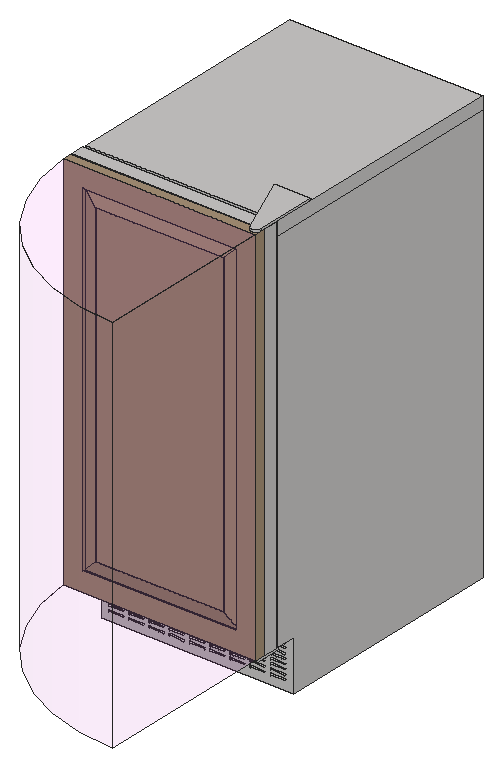
Revit family "QF_Summit_BIM68OSPUMPIF_Indoor_Outdoor_Ice_Maker", category Specialty Equipment, Revit 2020
Family settings
  Round Connector Dimension = Use Diameter
  Part Type = Normal
  Work Plane-Based = No
  Always vertical = Yes
  Cut with Voids When Loaded = No
  Shared = No
  Room Calculation Point = No
Parameters
  Weight in Pounds = 105
  Watts = if(Phase = 3, Volts * FL Amps * 1.73, Volts * FL Amps)  # 460 W
  Waste Water Discharge Temperature = -459.67 °F
  Volts = 115 V
  Ventilation Remarks = ""
  URL Cutsheet = ""
  Specification by User = ""
  Specification by Manufacturer = ""
  Show RHD [instance] = yes
  Show LHD [instance] = not(Show RHD)  # no
  Show Clearance [instance] = yes
  Serial Number = ""
  Seismic Rating = ""
  SMACNA No = ""
  Revision Code = ""
  Refrigerant Volume = 0.00 kip
  Refrigerant Type = "R134a"
  Plumbing Remarks = ""
  Phase = 1
  Number of Poles = 1
  NAFEM Spec ID Number = ""
  Model = "BIM68OSPUMPIF"
  Min Ckt Ampacity = 0 A
  Max Overcurrent Protection = 0 A
  Masterspec = ""
  Manufacturer = "Summit"
  Length = 14 7/8"
  Item Number = ""
  Installed By = ""
  Indirect Waste Size = 3/4"
  Indirect Waste Flow = 0 GPM
  Indirect Waste Connection Type = ""
  Indirect Waste Connection Height = 0"
  Identify Quantity as Lot = yes
  Height = 33 5/8"
  HP = ""
  Furnished By = ""
  Foodservice Equipment Identifier = yes
  FL Amps = 4 A
  Electrical Remarks = ""
  Electric Connection Type = ""
  Elec Conn RI Height = 0"
  Elec Conn Connection Height = 0"
  Direct Waste Size = 0"
  Direct Waste RI Height = 0"
  Direct Waste Flow = 0 GPM
  Direct Waste Connection Height = 0"
  Description = "Indoor/Outdoor Ice Maker"
  Depth = 22 5/8"
  Default Elevation = 0"
  Cycle = 60 Hz
  Conn Plug = ""
  Conn Conduit = yes
  Cold Water Temperature Recommended = -459.67 °F
  Cold Water Size = 3/8"
  Cold Water RI Height = 0"
  Cold Water Minimum Pressure = 0.00 psi
  Cold Water Maximum Pressure = 0.00 psi
  Cold Water Flow = 0 GPM
  Cold Water Consumption = ""
  Cold Water Connection Height = 0"
  CSI MasterFormat = ""
  Base Height [instance] = 1/8"
  BTUH = 0.0 Btu/h
  Apparent Power = if(Phase = 3, Volts * FL Amps * 1.73, Volts * FL Amps)  # 460 VA
Reference planes (in)
  plane 1 "BACK": y = 0
  plane 2: z = 0
  plane 3 "LEFT": x = 0
  plane 4 "RIGHT": x = 14.875
  plane 5 "FRONT": y = -22.625
  plane 6 "TOP": z = 33.5
  plane 7 "Center Y": x = 7.4375
  plane 8 "Center X": y = -11.3125
  plane 9 "Base Height": z = 0.125
  plane 10: y = -37.25
  plane 11: y = -23.375
  plane 12: y = -21.25
  plane 13: y = -1.5
  plane 14: z = 33.625
Forms (in)
  Extrusion 1, solid, material "QF_Metal_Stainless_Polished"
    sketch origin (0, 0, 0.125) x (-1, 0, 0) y (0, -1, 0)
      loop
        line (0, 1.5) -> (0, 21.25) -> (-14.875, 21.25) -> (-14.875, 1.5) -> (-14.5625, 1.5) -> (-14.5625, 2.5) -> (-0.3125, 2.5) -> (-0.3125, 1.5) -> (0, 1.5)
    from 3.875 to 32.375
  Extrusion 2, solid, material "QF_Metal_Stainless_Polished"
    sketch origin (14.875, -21.25, 0.125) x (-1, 0, 0) y (0, 0, -1)
      loop
        line (0, -33.375) -> (14.875, -33.375) -> (14.875, -3.875) -> (0, -3.875) -> (0, -33.375)
    from 0.24904 to 1.375
  Extrusion 3, solid, material "QF_Rubber - Black - Smooth"
    sketch origin (14.875, -21.25, 0.125) x (-1, 0, 0) y (0, 0, -1)
      loop
        line (14.5625, -33.0625) -> (14.5625, -4.4375) -> (0.3125, -4.4375) -> (0.3125, -33.0625) -> (14.5625, -33.0625)
    from 0 to 0.24904
  Extrusion 4, solid, material "QF_Metal_Stainless_Polished", visible <- "Show RHD"
    sketch origin (0, 0, 33.5) x (-1, 0, 0) y (0, -1, 0)
      loop
        line (-14.6875, 18.03173) -> (-12.1875, 18.03173)
        arc (-12.1875, 18.03173) -> (-12.08136, 18.09071) -> (-12.07538, 18.21199) r 0.125
        line (-12.07538, 18.21199) -> (-14.10113, 23.04076)
        arc (-14.10113, 23.04076) -> (-14.52261, 23.24021) -> (-14.8125, 22.87499) r 0.375
        line (-14.8125, 22.87499) -> (-14.8125, 18.15673) -> (-14.80579, 18.03173) -> (-14.6875, 18.03173)
    from 0 to 0.125
  Extrusion 5, solid, material "QF_Metal_Stainless_Polished"
    sketch origin (14.875, -21.25, 4) x (0, 1, 0) y (1, 0, 0)
      loop
        line (0, -0.0625) -> (-2.00045, -0.0625) -> (-2.00045, -0.77387) -> (0, -0.77387) -> (0, -0.0625)
    from 0.125 to 0.25
  Extrusion 6, solid, material "QF_Rubber - Black - Smooth"
    sketch origin (0, -1.5, 0.125) x (1, 0, 0) y (0, 0, -1)
      loop
        circle (12.85328, -0.875) r 0.25
    from 0 to 0.0625
  Extrusion 7, solid, material "QF_Metal_Stainless_Polished"
    sketch origin (0, -1.5, 0.125) x (1, 0, 0) y (0, 0, -1)
      loop
        circle (3.5, -9.5) r 0.375
      loop
        circle (1.75, -9.25) r 0.1875
    from 0 to 0.0625
  Revolve 8, solid, material "QF_Rubber - Black - Smooth"
    sketch origin (0, -3.125, 0) x (1, 0, 0) y (0, 0, 1)
      loop
        line (1.5625, 0) -> (1.5625, 0.125) -> (0.88393, 0.125) -> (0.88393, 0) -> (1.5625, 0)
      axis (1.5625, 0.125) -> (1.5625, 0)
    angle from 0 to 360
  Extrusion 9, solid, material "QF_Metal_Stainless_Polished"
    sketch origin (0, 0, 0.125) x (-1, 0, 0) y (0, -1, 0)
      loop
        line (0, 1.5) -> (0, 19.75) -> (-0.3125, 19.75) -> (-0.3125, 1.5) -> (0, 1.5)
      loop
        line (-14.875, 19.75) -> (-14.875, 1.5) -> (-14.5625, 1.5) -> (-14.5625, 19.75) -> (-14.875, 19.75)
    from 0 to 3.875
  Extrusion 10, solid, material "QF_Metal_Stainless_Polished"
    sketch origin (0, 0, 0.125) x (0, -1, 0) y (-1, 0, 0)
      loop
        line (1.625, -0.3125) -> (1.625, -14.5625) -> (19.75, -14.5625) -> (19.75, -0.3125) -> (1.625, -0.3125)
    from 0 to -0.3125
  Extrusion 11, solid, material "QF_Metal_Stainless_Polished"
    sketch origin (14.5625, -19.75, 0.125) x (-1, 0, 0) y (0, 0, -1)
      loop
        line (14.25, -0.3125) -> (0, -0.3125) -> (0, -3.875) -> (14.25, -3.875) -> (14.25, -0.3125)
      loop
        line (12.84375, -3.40789) -> (13.90625, -3.40789)
        arc (13.90625, -3.40789) -> (14, -3.31414) -> (13.90625, -3.22039) r 0.09375
        line (13.90625, -3.22039) -> (12.84375, -3.22039)
        arc (12.84375, -3.22039) -> (12.75, -3.31414) -> (12.84375, -3.40789) r 0.09375
      loop
        line (12.84375, -3.03289) -> (13.90625, -3.03289)
        arc (13.90625, -3.03289) -> (14, -2.93914) -> (13.90625, -2.84539) r 0.09375
        line (13.90625, -2.84539) -> (12.84375, -2.84539)
        arc (12.84375, -2.84539) -> (12.75, -2.93914) -> (12.84375, -3.03289) r 0.09375
      loop
        line (12.84375, -2.65789) -> (13.90625, -2.65789)
        arc (13.90625, -2.65789) -> (14, -2.56414) -> (13.90625, -2.47039) r 0.09375
        line (13.90625, -2.47039) -> (12.84375, -2.47039)
        arc (12.84375, -2.47039) -> (12.75, -2.56414) -> (12.84375, -2.65789) r 0.09375
      loop
        line (12.84375, -2.28289) -> (13.90625, -2.28289)
        arc (13.90625, -2.28289) -> (14, -2.18914) -> (13.90625, -2.09539) r 0.09375
        line (13.90625, -2.09539) -> (12.84375, -2.09539)
        arc (12.84375, -2.09539) -> (12.75, -2.18914) -> (12.84375, -2.28289) r 0.09375
      loop
        line (12.84375, -1.90789) -> (13.90625, -1.90789)
        arc (13.90625, -1.90789) -> (14, -1.81414) -> (13.90625, -1.72039) r 0.09375
        line (13.90625, -1.72039) -> (12.84375, -1.72039)
        arc (12.84375, -1.72039) -> (12.75, -1.81414) -> (12.84375, -1.90789) r 0.09375
      loop
        line (12.84375, -1.5625) -> (13.90625, -1.5625)
        arc (13.90625, -1.5625) -> (14, -1.46875) -> (13.90625, -1.375) r 0.09375
        line (13.90625, -1.375) -> (12.84375, -1.375)
        arc (12.84375, -1.375) -> (12.75, -1.46875) -> (12.84375, -1.5625) r 0.09375
      loop
        line (12.84375, -1.1875) -> (13.90625, -1.1875)
        arc (13.90625, -1.1875) -> (14, -1.09375) -> (13.90625, -1) r 0.09375
        line (13.90625, -1) -> (12.84375, -1)
        arc (12.84375, -1) -> (12.75, -1.09375) -> (12.84375, -1.1875) r 0.09375
      loop
        line (12.84375, -0.8125) -> (13.90625, -0.8125)
        arc (13.90625, -0.8125) -> (14, -0.71875) -> (13.90625, -0.625) r 0.09375
        line (13.90625, -0.625) -> (12.84375, -0.625)
        arc (12.84375, -0.625) -> (12.75, -0.71875) -> (12.84375, -0.8125) r 0.09375
      loop
        line (11.28125, -3.40789) -> (12.34375, -3.40789)
        arc (12.34375, -3.40789) -> (12.4375, -3.31414) -> (12.34375, -3.22039) r 0.09375
        line (12.34375, -3.22039) -> (11.28125, -3.22039)
        arc (11.28125, -3.22039) -> (11.1875, -3.31414) -> (11.28125, -3.40789) r 0.09375
      loop
        line (11.28125, -3.03289) -> (12.34375, -3.03289)
        arc (12.34375, -3.03289) -> (12.4375, -2.93914) -> (12.34375, -2.84539) r 0.09375
        line (12.34375, -2.84539) -> (11.28125, -2.84539)
        arc (11.28125, -2.84539) -> (11.1875, -2.93914) -> (11.28125, -3.03289) r 0.09375
      loop
        line (11.28125, -2.65789) -> (12.34375, -2.65789)
        arc (12.34375, -2.65789) -> (12.4375, -2.56414) -> (12.34375, -2.47039) r 0.09375
        line (12.34375, -2.47039) -> (11.28125, -2.47039)
        arc (11.28125, -2.47039) -> (11.1875, -2.56414) -> (11.28125, -2.65789) r 0.09375
      loop
        line (11.28125, -2.28289) -> (12.34375, -2.28289)
        arc (12.34375, -2.28289) -> (12.4375, -2.18914) -> (12.34375, -2.09539) r 0.09375
        line (12.34375, -2.09539) -> (11.28125, -2.09539)
        arc (11.28125, -2.09539) -> (11.1875, -2.18914) -> (11.28125, -2.28289) r 0.09375
      loop
        line (11.28125, -1.90789) -> (12.34375, -1.90789)
        arc (12.34375, -1.90789) -> (12.4375, -1.81414) -> (12.34375, -1.72039) r 0.09375
        line (12.34375, -1.72039) -> (11.28125, -1.72039)
        arc (11.28125, -1.72039) -> (11.1875, -1.81414) -> (11.28125, -1.90789) r 0.09375
      loop
        line (11.28125, -1.5625) -> (12.34375, -1.5625)
        arc (12.34375, -1.5625) -> (12.4375, -1.46875) -> (12.34375, -1.375) r 0.09375
        line (12.34375, -1.375) -> (11.28125, -1.375)
        arc (11.28125, -1.375) -> (11.1875, -1.46875) -> (11.28125, -1.5625) r 0.09375
      loop
        line (11.28125, -1.1875) -> (12.34375, -1.1875)
        arc (12.34375, -1.1875) -> (12.4375, -1.09375) -> (12.34375, -1) r 0.09375
        line (12.34375, -1) -> (11.28125, -1)
        arc (11.28125, -1) -> (11.1875, -1.09375) -> (11.28125, -1.1875) r 0.09375
      loop
        line (11.28125, -0.8125) -> (12.34375, -0.8125)
        arc (12.34375, -0.8125) -> (12.4375, -0.71875) -> (12.34375, -0.625) r 0.09375
        line (12.34375, -0.625) -> (11.28125, -0.625)
        arc (11.28125, -0.625) -> (11.1875, -0.71875) -> (11.28125, -0.8125) r 0.09375
      loop
        line (9.71875, -3.40789) -> (10.78125, -3.40789)
        arc (10.78125, -3.40789) -> (10.875, -3.31414) -> (10.78125, -3.22039) r 0.09375
        line (10.78125, -3.22039) -> (9.71875, -3.22039)
        arc (9.71875, -3.22039) -> (9.625, -3.31414) -> (9.71875, -3.40789) r 0.09375
      loop
        line (9.71875, -3.03289) -> (10.78125, -3.03289)
        arc (10.78125, -3.03289) -> (10.875, -2.93914) -> (10.78125, -2.84539) r 0.09375
        line (10.78125, -2.84539) -> (9.71875, -2.84539)
        arc (9.71875, -2.84539) -> (9.625, -2.93914) -> (9.71875, -3.03289) r 0.09375
      loop
        line (9.71875, -2.65789) -> (10.78125, -2.65789)
        arc (10.78125, -2.65789) -> (10.875, -2.56414) -> (10.78125, -2.47039) r 0.09375
        line (10.78125, -2.47039) -> (9.71875, -2.47039)
        arc (9.71875, -2.47039) -> (9.625, -2.56414) -> (9.71875, -2.65789) r 0.09375
      loop
        line (9.71875, -2.28289) -> (10.78125, -2.28289)
        arc (10.78125, -2.28289) -> (10.875, -2.18914) -> (10.78125, -2.09539) r 0.09375
        line (10.78125, -2.09539) -> (9.71875, -2.09539)
        arc (9.71875, -2.09539) -> (9.625, -2.18914) -> (9.71875, -2.28289) r 0.09375
      loop
        line (9.71875, -1.90789) -> (10.78125, -1.90789)
        arc (10.78125, -1.90789) -> (10.875, -1.81414) -> (10.78125, -1.72039) r 0.09375
        line (10.78125, -1.72039) -> (9.71875, -1.72039)
        arc (9.71875, -1.72039) -> (9.625, -1.81414) -> (9.71875, -1.90789) r 0.09375
      loop
        line (9.71875, -1.5625) -> (10.78125, -1.5625)
        arc (10.78125, -1.5625) -> (10.875, -1.46875) -> (10.78125, -1.375) r 0.09375
        line (10.78125, -1.375) -> (9.71875, -1.375)
        arc (9.71875, -1.375) -> (9.625, -1.46875) -> (9.71875, -1.5625) r 0.09375
      loop
        line (9.71875, -1.1875) -> (10.78125, -1.1875)
        arc (10.78125, -1.1875) -> (10.875, -1.09375) -> (10.78125, -1) r 0.09375
        line (10.78125, -1) -> (9.71875, -1)
        arc (9.71875, -1) -> (9.625, -1.09375) -> (9.71875, -1.1875) r 0.09375
      loop
        line (9.71875, -0.8125) -> (10.78125, -0.8125)
        arc (10.78125, -0.8125) -> (10.875, -0.71875) -> (10.78125, -0.625) r 0.09375
        line (10.78125, -0.625) -> (9.71875, -0.625)
        arc (9.71875, -0.625) -> (9.625, -0.71875) -> (9.71875, -0.8125) r 0.09375
      loop
        line (8.15625, -3.40789) -> (9.21875, -3.40789)
        arc (9.21875, -3.40789) -> (9.3125, -3.31414) -> (9.21875, -3.22039) r 0.09375
        line (9.21875, -3.22039) -> (8.15625, -3.22039)
        arc (8.15625, -3.22039) -> (8.0625, -3.31414) -> (8.15625, -3.40789) r 0.09375
      loop
        line (8.15625, -3.03289) -> (9.21875, -3.03289)
        arc (9.21875, -3.03289) -> (9.3125, -2.93914) -> (9.21875, -2.84539) r 0.09375
        line (9.21875, -2.84539) -> (8.15625, -2.84539)
        arc (8.15625, -2.84539) -> (8.0625, -2.93914) -> (8.15625, -3.03289) r 0.09375
      loop
        line (8.15625, -2.65789) -> (9.21875, -2.65789)
        arc (9.21875, -2.65789) -> (9.3125, -2.56414) -> (9.21875, -2.47039) r 0.09375
        line (9.21875, -2.47039) -> (8.15625, -2.47039)
        arc (8.15625, -2.47039) -> (8.0625, -2.56414) -> (8.15625, -2.65789) r 0.09375
      loop
        line (8.15625, -2.28289) -> (9.21875, -2.28289)
        arc (9.21875, -2.28289) -> (9.3125, -2.18914) -> (9.21875, -2.09539) r 0.09375
        line (9.21875, -2.09539) -> (8.15625, -2.09539)
        arc (8.15625, -2.09539) -> (8.0625, -2.18914) -> (8.15625, -2.28289) r 0.09375
      loop
        line (8.15625, -1.90789) -> (9.21875, -1.90789)
        arc (9.21875, -1.90789) -> (9.3125, -1.81414) -> (9.21875, -1.72039) r 0.09375
        line (9.21875, -1.72039) -> (8.15625, -1.72039)
        arc (8.15625, -1.72039) -> (8.0625, -1.81414) -> (8.15625, -1.90789) r 0.09375
      loop
        line (8.15625, -1.5625) -> (9.21875, -1.5625)
        arc (9.21875, -1.5625) -> (9.3125, -1.46875) -> (9.21875, -1.375) r 0.09375
        line (9.21875, -1.375) -> (8.15625, -1.375)
        arc (8.15625, -1.375) -> (8.0625, -1.46875) -> (8.15625, -1.5625) r 0.09375
      loop
        line (8.15625, -1.1875) -> (9.21875, -1.1875)
        arc (9.21875, -1.1875) -> (9.3125, -1.09375) -> (9.21875, -1) r 0.09375
        line (9.21875, -1) -> (8.15625, -1)
        arc (8.15625, -1) -> (8.0625, -1.09375) -> (8.15625, -1.1875) r 0.09375
      loop
        line (8.15625, -0.8125) -> (9.21875, -0.8125)
        arc (9.21875, -0.8125) -> (9.3125, -0.71875) -> (9.21875, -0.625) r 0.09375
        line (9.21875, -0.625) -> (8.15625, -0.625)
        arc (8.15625, -0.625) -> (8.0625, -0.71875) -> (8.15625, -0.8125) r 0.09375
      loop
        line (6.59375, -3.40789) -> (7.65625, -3.40789)
        arc (7.65625, -3.40789) -> (7.75, -3.31414) -> (7.65625, -3.22039) r 0.09375
        line (7.65625, -3.22039) -> (6.59375, -3.22039)
        arc (6.59375, -3.22039) -> (6.5, -3.31414) -> (6.59375, -3.40789) r 0.09375
      loop
        line (6.59375, -3.03289) -> (7.65625, -3.03289)
        arc (7.65625, -3.03289) -> (7.75, -2.93914) -> (7.65625, -2.84539) r 0.09375
        line (7.65625, -2.84539) -> (6.59375, -2.84539)
        arc (6.59375, -2.84539) -> (6.5, -2.93914) -> (6.59375, -3.03289) r 0.09375
      loop
        line (6.59375, -2.65789) -> (7.65625, -2.65789)
        arc (7.65625, -2.65789) -> (7.75, -2.56414) -> (7.65625, -2.47039) r 0.09375
        line (7.65625, -2.47039) -> (6.59375, -2.47039)
        arc (6.59375, -2.47039) -> (6.5, -2.56414) -> (6.59375, -2.65789) r 0.09375
      loop
        line (6.59375, -2.28289) -> (7.65625, -2.28289)
        arc (7.65625, -2.28289) -> (7.75, -2.18914) -> (7.65625, -2.09539) r 0.09375
        line (7.65625, -2.09539) -> (6.59375, -2.09539)
        arc (6.59375, -2.09539) -> (6.5, -2.18914) -> (6.59375, -2.28289) r 0.09375
      loop
        line (6.59375, -1.90789) -> (7.65625, -1.90789)
        arc (7.65625, -1.90789) -> (7.75, -1.81414) -> (7.65625, -1.72039) r 0.09375
        line (7.65625, -1.72039) -> (6.59375, -1.72039)
        arc (6.59375, -1.72039) -> (6.5, -1.81414) -> (6.59375, -1.90789) r 0.09375
      loop
        line (6.59375, -1.5625) -> (7.65625, -1.5625)
        arc (7.65625, -1.5625) -> (7.75, -1.46875) -> (7.65625, -1.375) r 0.09375
        line (7.65625, -1.375) -> (6.59375, -1.375)
        arc (6.59375, -1.375) -> (6.5, -1.46875) -> (6.59375, -1.5625) r 0.09375
      loop
        line (6.59375, -1.1875) -> (7.65625, -1.1875)
        arc (7.65625, -1.1875) -> (7.75, -1.09375) -> (7.65625, -1) r 0.09375
        line (7.65625, -1) -> (6.59375, -1)
        arc (6.59375, -1) -> (6.5, -1.09375) -> (6.59375, -1.1875) r 0.09375
      loop
        line (6.59375, -0.8125) -> (7.65625, -0.8125)
        arc (7.65625, -0.8125) -> (7.75, -0.71875) -> (7.65625, -0.625) r 0.09375
        line (7.65625, -0.625) -> (6.59375, -0.625)
        arc (6.59375, -0.625) -> (6.5, -0.71875) -> (6.59375, -0.8125) r 0.09375
      loop
        line (5.03125, -3.40789) -> (6.09375, -3.40789)
        arc (6.09375, -3.40789) -> (6.1875, -3.31414) -> (6.09375, -3.22039) r 0.09375
        line (6.09375, -3.22039) -> (5.03125, -3.22039)
        arc (5.03125, -3.22039) -> (4.9375, -3.31414) -> (5.03125, -3.40789) r 0.09375
      loop
        line (5.03125, -3.03289) -> (6.09375, -3.03289)
        arc (6.09375, -3.03289) -> (6.1875, -2.93914) -> (6.09375, -2.84539) r 0.09375
        line (6.09375, -2.84539) -> (5.03125, -2.84539)
        arc (5.03125, -2.84539) -> (4.9375, -2.93914) -> (5.03125, -3.03289) r 0.09375
      loop
        line (5.03125, -2.65789) -> (6.09375, -2.65789)
        arc (6.09375, -2.65789) -> (6.1875, -2.56414) -> (6.09375, -2.47039) r 0.09375
        line (6.09375, -2.47039) -> (5.03125, -2.47039)
        arc (5.03125, -2.47039) -> (4.9375, -2.56414) -> (5.03125, -2.65789) r 0.09375
      loop
        line (5.03125, -2.28289) -> (6.09375, -2.28289)
        arc (6.09375, -2.28289) -> (6.1875, -2.18914) -> (6.09375, -2.09539) r 0.09375
        line (6.09375, -2.09539) -> (5.03125, -2.09539)
        arc (5.03125, -2.09539) -> (4.9375, -2.18914) -> (5.03125, -2.28289) r 0.09375
      loop
        line (5.03125, -1.90789) -> (6.09375, -1.90789)
        arc (6.09375, -1.90789) -> (6.1875, -1.81414) -> (6.09375, -1.72039) r 0.09375
        line (6.09375, -1.72039) -> (5.03125, -1.72039)
        arc (5.03125, -1.72039) -> (4.9375, -1.81414) -> (5.03125, -1.90789) r 0.09375
      loop
        line (5.03125, -1.5625) -> (6.09375, -1.5625)
        arc (6.09375, -1.5625) -> (6.1875, -1.46875) -> (6.09375, -1.375) r 0.09375
        line (6.09375, -1.375) -> (5.03125, -1.375)
        arc (5.03125, -1.375) -> (4.9375, -1.46875) -> (5.03125, -1.5625) r 0.09375
      loop
        line (5.03125, -1.1875) -> (6.09375, -1.1875)
        arc (6.09375, -1.1875) -> (6.1875, -1.09375) -> (6.09375, -1) r 0.09375
        line (6.09375, -1) -> (5.03125, -1)
        arc (5.03125, -1) -> (4.9375, -1.09375) -> (5.03125, -1.1875) r 0.09375
      loop
        line (5.03125, -0.8125) -> (6.09375, -0.8125)
        arc (6.09375, -0.8125) -> (6.1875, -0.71875) -> (6.09375, -0.625) r 0.09375
        line (6.09375, -0.625) -> (5.03125, -0.625)
        arc (5.03125, -0.625) -> (4.9375, -0.71875) -> (5.03125, -0.8125) r 0.09375
      loop
        line (3.46875, -3.40789) -> (4.53125, -3.40789)
        arc (4.53125, -3.40789) -> (4.625, -3.31414) -> (4.53125, -3.22039) r 0.09375
        line (4.53125, -3.22039) -> (3.46875, -3.22039)
        arc (3.46875, -3.22039) -> (3.375, -3.31414) -> (3.46875, -3.40789) r 0.09375
      loop
        line (3.46875, -3.03289) -> (4.53125, -3.03289)
        arc (4.53125, -3.03289) -> (4.625, -2.93914) -> (4.53125, -2.84539) r 0.09375
        line (4.53125, -2.84539) -> (3.46875, -2.84539)
        arc (3.46875, -2.84539) -> (3.375, -2.93914) -> (3.46875, -3.03289) r 0.09375
      loop
        line (3.46875, -2.65789) -> (4.53125, -2.65789)
        arc (4.53125, -2.65789) -> (4.625, -2.56414) -> (4.53125, -2.47039) r 0.09375
        line (4.53125, -2.47039) -> (3.46875, -2.47039)
        arc (3.46875, -2.47039) -> (3.375, -2.56414) -> (3.46875, -2.65789) r 0.09375
      loop
        line (3.46875, -2.28289) -> (4.53125, -2.28289)
        arc (4.53125, -2.28289) -> (4.625, -2.18914) -> (4.53125, -2.09539) r 0.09375
        line (4.53125, -2.09539) -> (3.46875, -2.09539)
        arc (3.46875, -2.09539) -> (3.375, -2.18914) -> (3.46875, -2.28289) r 0.09375
      loop
        line (3.46875, -1.90789) -> (4.53125, -1.90789)
        arc (4.53125, -1.90789) -> (4.625, -1.81414) -> (4.53125, -1.72039) r 0.09375
        line (4.53125, -1.72039) -> (3.46875, -1.72039)
        arc (3.46875, -1.72039) -> (3.375, -1.81414) -> (3.46875, -1.90789) r 0.09375
      loop
        line (3.46875, -1.5625) -> (4.53125, -1.5625)
        arc (4.53125, -1.5625) -> (4.625, -1.46875) -> (4.53125, -1.375) r 0.09375
        line (4.53125, -1.375) -> (3.46875, -1.375)
        arc (3.46875, -1.375) -> (3.375, -1.46875) -> (3.46875, -1.5625) r 0.09375
      loop
        line (3.46875, -1.1875) -> (4.53125, -1.1875)
        arc (4.53125, -1.1875) -> (4.625, -1.09375) -> (4.53125, -1) r 0.09375
        line (4.53125, -1) -> (3.46875, -1)
        arc (3.46875, -1) -> (3.375, -1.09375) -> (3.46875, -1.1875) r 0.09375
      loop
        line (3.46875, -0.8125) -> (4.53125, -0.8125)
        arc (4.53125, -0.8125) -> (4.625, -0.71875) -> (4.53125, -0.625) r 0.09375
        line (4.53125, -0.625) -> (3.46875, -0.625)
        arc (3.46875, -0.625) -> (3.375, -0.71875) -> (3.46875, -0.8125) r 0.09375
      loop
        line (1.90625, -3.40789) -> (2.96875, -3.40789)
        arc (2.96875, -3.40789) -> (3.0625, -3.31414) -> (2.96875, -3.22039) r 0.09375
        line (2.96875, -3.22039) -> (1.90625, -3.22039)
        arc (1.90625, -3.22039) -> (1.8125, -3.31414) -> (1.90625, -3.40789) r 0.09375
      loop
        line (1.90625, -3.03289) -> (2.96875, -3.03289)
        arc (2.96875, -3.03289) -> (3.0625, -2.93914) -> (2.96875, -2.84539) r 0.09375
        line (2.96875, -2.84539) -> (1.90625, -2.84539)
        arc (1.90625, -2.84539) -> (1.8125, -2.93914) -> (1.90625, -3.03289) r 0.09375
      loop
        line (1.90625, -2.65789) -> (2.96875, -2.65789)
        arc (2.96875, -2.65789) -> (3.0625, -2.56414) -> (2.96875, -2.47039) r 0.09375
        line (2.96875, -2.47039) -> (1.90625, -2.47039)
        arc (1.90625, -2.47039) -> (1.8125, -2.56414) -> (1.90625, -2.65789) r 0.09375
      loop
        line (1.90625, -2.28289) -> (2.96875, -2.28289)
        arc (2.96875, -2.28289) -> (3.0625, -2.18914) -> (2.96875, -2.09539) r 0.09375
        line (2.96875, -2.09539) -> (1.90625, -2.09539)
        arc (1.90625, -2.09539) -> (1.8125, -2.18914) -> (1.90625, -2.28289) r 0.09375
      loop
        line (1.90625, -1.90789) -> (2.96875, -1.90789)
        arc (2.96875, -1.90789) -> (3.0625, -1.81414) -> (2.96875, -1.72039) r 0.09375
        line (2.96875, -1.72039) -> (1.90625, -1.72039)
        arc (1.90625, -1.72039) -> (1.8125, -1.81414) -> (1.90625, -1.90789) r 0.09375
      loop
        line (1.90625, -1.5625) -> (2.96875, -1.5625)
        arc (2.96875, -1.5625) -> (3.0625, -1.46875) -> (2.96875, -1.375) r 0.09375
        line (2.96875, -1.375) -> (1.90625, -1.375)
        arc (1.90625, -1.375) -> (1.8125, -1.46875) -> (1.90625, -1.5625) r 0.09375
      loop
        line (1.90625, -1.1875) -> (2.96875, -1.1875)
        arc (2.96875, -1.1875) -> (3.0625, -1.09375) -> (2.96875, -1) r 0.09375
        line (2.96875, -1) -> (1.90625, -1)
        arc (1.90625, -1) -> (1.8125, -1.09375) -> (1.90625, -1.1875) r 0.09375
      loop
        line (1.90625, -0.8125) -> (2.96875, -0.8125)
        arc (2.96875, -0.8125) -> (3.0625, -0.71875) -> (2.96875, -0.625) r 0.09375
        line (2.96875, -0.625) -> (1.90625, -0.625)
        arc (1.90625, -0.625) -> (1.8125, -0.71875) -> (1.90625, -0.8125) r 0.09375
      loop
        line (0.34375, -3.40789) -> (1.40625, -3.40789)
        arc (1.40625, -3.40789) -> (1.5, -3.31414) -> (1.40625, -3.22039) r 0.09375
        line (1.40625, -3.22039) -> (0.34375, -3.22039)
        arc (0.34375, -3.22039) -> (0.25, -3.31414) -> (0.34375, -3.40789) r 0.09375
      loop
        line (0.34375, -3.03289) -> (1.40625, -3.03289)
        arc (1.40625, -3.03289) -> (1.5, -2.93914) -> (1.40625, -2.84539) r 0.09375
        line (1.40625, -2.84539) -> (0.34375, -2.84539)
        arc (0.34375, -2.84539) -> (0.25, -2.93914) -> (0.34375, -3.03289) r 0.09375
      loop
        line (0.34375, -2.65789) -> (1.40625, -2.65789)
        arc (1.40625, -2.65789) -> (1.5, -2.56414) -> (1.40625, -2.47039) r 0.09375
        line (1.40625, -2.47039) -> (0.34375, -2.47039)
        arc (0.34375, -2.47039) -> (0.25, -2.56414) -> (0.34375, -2.65789) r 0.09375
      loop
        line (0.34375, -2.28289) -> (1.40625, -2.28289)
        arc (1.40625, -2.28289) -> (1.5, -2.18914) -> (1.40625, -2.09539) r 0.09375
        line (1.40625, -2.09539) -> (0.34375, -2.09539)
        arc (0.34375, -2.09539) -> (0.25, -2.18914) -> (0.34375, -2.28289) r 0.09375
      loop
        line (0.34375, -1.90789) -> (1.40625, -1.90789)
        arc (1.40625, -1.90789) -> (1.5, -1.81414) -> (1.40625, -1.72039) r 0.09375
        line (1.40625, -1.72039) -> (0.34375, -1.72039)
        arc (0.34375, -1.72039) -> (0.25, -1.81414) -> (0.34375, -1.90789) r 0.09375
      loop
        line (0.34375, -1.5625) -> (1.40625, -1.5625)
        arc (1.40625, -1.5625) -> (1.5, -1.46875) -> (1.40625, -1.375) r 0.09375
        line (1.40625, -1.375) -> (0.34375, -1.375)
        arc (0.34375, -1.375) -> (0.25, -1.46875) -> (0.34375, -1.5625) r 0.09375
      loop
        line (0.34375, -1.1875) -> (1.40625, -1.1875)
        arc (1.40625, -1.1875) -> (1.5, -1.09375) -> (1.40625, -1) r 0.09375
        line (1.40625, -1) -> (0.34375, -1)
        arc (0.34375, -1) -> (0.25, -1.09375) -> (0.34375, -1.1875) r 0.09375
      loop
        line (0.34375, -0.8125) -> (1.40625, -0.8125)
        arc (1.40625, -0.8125) -> (1.5, -0.71875) -> (1.40625, -0.625) r 0.09375
        line (1.40625, -0.625) -> (0.34375, -0.625)
        arc (0.34375, -0.625) -> (0.25, -0.71875) -> (0.34375, -0.8125) r 0.09375
    from 0 to -0.3125
  Extrusion 12, solid, material "QF_Metal_Stainless_Polished"
    sketch origin (14.875, -21.25, 0.125) x (-1, 0, 0) y (0, 0, -1)
      loop
        line (0.0625, -3.75) -> (0.0625, -4.4375) -> (0.77387, -4.4375) -> (0.77387, -3.75) -> (0.0625, -3.75)
    from 0 to 0.125
  Sweep 13, solid, material "QF_Wood_Hard_Rock_Maple_Satin"
    path origin (14.875, -22.625, 0.125) x (-1, 0, 0) y (0, 0, -1)
      loop
        line (0, -33.375) -> (14.875, -33.375) -> (14.875, -3.875) -> (0, -3.875) -> (0, -33.375)
    profile origin (7.4375, -22.625, 33.5) x (0, 0, -1) y (0, -1, 0)
      loop
        line (0, 0.75) -> (0, 0) -> (2.5, 0) -> (2.5, 0.75) -> (1.5, 0.5625) -> (1.5, 0.75) -> (0, 0.75)
  Extrusion 14, solid, material "QF_Wood_Hard_Rock_Maple_Satin"
    sketch origin (14.875, -23.375, 33.5) x (-1, 0, 0) y (0, 0, -1)
      loop
        line (12.375, 2.5) -> (12.375, 27) -> (2.5, 27) -> (2.5, 2.5) -> (12.375, 2.5)
    from 0 to -0.75
  Revolve 15, solid, material "QF_Rubber - Black - Smooth"
    sketch origin (14.875, -3.125, 0) x (-1, 0, 0) y (0, 0, 1)
      loop
        line (1.5625, 0) -> (1.5625, 0.125) -> (0.88393, 0.125) -> (0.88393, 0) -> (1.5625, 0)
      axis (1.5625, 0.125) -> (1.5625, 0)
    angle from 0 to 360
  Revolve 16, solid, material "QF_Rubber - Black - Smooth"
    sketch origin (0, -18.125, 0) x (1, 0, 0) y (0, 0, 1)
      loop
        line (1.5625, 0) -> (1.5625, 0.125) -> (0.88393, 0.125) -> (0.88393, 0) -> (1.5625, 0)
      axis (1.5625, 0.125) -> (1.5625, 0)
    angle from 0 to 360
  Revolve 17, solid, material "QF_Rubber - Black - Smooth"
    sketch origin (14.875, -18.125, 0) x (-1, 0, 0) y (0, 0, 1)
      loop
        line (1.5625, 0) -> (1.5625, 0.125) -> (0.88393, 0.125) -> (0.88393, 0) -> (1.5625, 0)
      axis (1.5625, 0.125) -> (1.5625, 0)
    angle from 0 to 360
  Extrusion 18, solid, material "QF_Metal_Stainless_Polished"
    sketch origin (0, -1.5, 0.125) x (1, 0, 0) y (0, 0, -1)
      loop
        line (1.21341, -11.75) -> (1.21341, -31.375) -> (13.375, -31.375) -> (13.375, -11.75) -> (1.21341, -11.75)
    from 0 to 1.5
  Extrusion 19, solid, material "QF_Metal_Stainless_Polished"
    sketch origin (0, -1.5, 0.125) x (1, 0, 0) y (0, 0, -1)
      loop
        line (0.3125, -32.375) -> (14.5625, -32.375) -> (14.5625, 0) -> (0.3125, 0) -> (0.3125, -32.375)
      loop
        line (12.5625, -10.75) -> (12.5625, -1.5) -> (4.625, -1.5) -> (4.625, -10.75) -> (12.5625, -10.75)
    from 0 to -0.125
  Extrusion 20, solid, material "QF_Metal_Stainless_Polished"
    sketch origin (0, 0, 32.5) x (-1, 0, 0) y (0, -1, 0)
      loop
        line (0, 1.5) -> (0, 21.25) -> (-14.875, 21.25) -> (-14.875, 1.5) -> (0, 1.5)
    from 0 to 1
  Extrusion 21, solid, material "QF_Generic_Vent_Horizontal"
    sketch origin (0, -1.5, 0.125) x (1, 0, 0) y (0, 0, -1)
      loop
        line (12.5625, -10.75) -> (12.5625, -1.5) -> (4.625, -1.5) -> (4.625, -10.75) -> (12.5625, -10.75)
    from 0 to -0.125
  Extrusion 22, solid, material "QF_Clearances_Door_Drawer", visible <- "Show RHD"
    sketch origin (14.875, -21.25, 4) x (0, 1, 0) y (1, 0, 0)
      loop
        line (-2.125, -14.8726) -> (-2.125, 0) -> (-15.99997, 0)
        arc (-15.99997, 0) -> (-12.00168, -10.17834) -> (-2.125, -14.8726) r 14.875
    from 0 to -29.5
  Extrusion 23, solid, material "QF_Clearances_Door_Drawer", visible <- "Show LHD"
    sketch origin (0, -21.25, 4) x (0, -1, 0) y (-1, 0, 0)
      loop
        arc (2.125, -14.8726) -> (12.00168, -10.17834) -> (15.99997, 0) r 14.875
        line (15.99997, 0) -> (2.125, 0) -> (2.125, -14.8726)
    from 0 to -29.5
  Extrusion 24, solid, material "QF_Metal_Stainless_Polished", visible <- "Show LHD"
    sketch origin (14.875, 0, 33.5) x (1, 0, 0) y (0, 1, 0)
      loop
        line (-14.6875, -18.03173) -> (-14.80579, -18.03173) -> (-14.8125, -18.15673) -> (-14.8125, -22.87499)
        arc (-14.8125, -22.87499) -> (-14.52261, -23.24021) -> (-14.10113, -23.04076) r 0.375
        line (-14.10113, -23.04076) -> (-12.07538, -18.21199)
        arc (-12.07538, -18.21199) -> (-12.08136, -18.09071) -> (-12.1875, -18.03173) r 0.125
        line (-12.1875, -18.03173) -> (-14.6875, -18.03173)
    from 0 to 0.125
Cuts and joins
  joined: Extrusion 1, Extrusion 9, Extrusion 10, Extrusion 11, Extrusion 19
  joined: Extrusion 5, Extrusion 12
Lines and regions (in)
  symbolic lines
    curve 1: line (0, -1.5, 0.125) -> (14.875, -1.5, 0.125)
    curve 2: line (0, -21.25, 0.125) -> (0, -1.5, 0.125)
    curve 3: line (14.875, -21.25, 0.125) -> (14.8125, -21.25, 0.125)
    curve 4: line (14.875, -1.5, 0.125) -> (14.875, -21.25, 0.125)
    curve 5: line (1.21341, 0, 0.125) -> (1.21341, -1.5, 0.125)
    curve 6: line (13.375, 0, 0.125) -> (1.21341, 0, 0.125)
    curve 7: line (13.375, -1.5, 0.125) -> (13.375, 0, 0.125)
    curve 15: line (14.875, -21.49904, 0.125) -> (14.8125, -21.49904, 0.125)
    curve 16: line (14.875, -23.375, 0.125) -> (14.875, -21.49904, 0.125)
    curve 17: line (14.875, -22.625, 0.125) -> (14.8125, -22.625, 0.125)
    curve 18: line (14.875, -23.375, 0.125) -> (0, -23.375, 0.125)
    curve 19: line (0, -21.49904, 0.125) -> (0, -23.375, 0.125)
  symbolic lines, visible <- "Show RHD"
    curve 8: line (12.07538, -18.21199, 0.125) -> (14.10113, -23.04076, 0.125)
    curve 9: arc (14.10113, -23.04076, 0.125) -> (14.52261, -23.24021, 0.125) -> (14.8125, -22.87499, 0.125) r 0.375
    curve 10: line (14.8125, -22.87499, 0.125) -> (14.8125, -18.15673, 0.125)
    curve 11: line (14.8125, -18.15673, 0.125) -> (14.80579, -18.03173, 0.125)
    curve 12: line (14.80579, -18.03173, 0.125) -> (14.6875, -18.03173, 0.125)
    curve 13: line (14.6875, -18.03173, 0.125) -> (12.1875, -18.03173, 0.125)
    curve 14: arc (12.1875, -18.03173, 0.125) -> (12.08136, -18.09071, 0.125) -> (12.07538, -18.21199, 0.125) r 0.125
    curve 20: line (0.3125, -21.25, 0.125) -> (0.3125, -21.49904, 0.125)
    curve 21: line (13.34987, -21.25, 0.125) -> (0, -21.25, 0.125)
    curve 22: line (13.45435, -21.49904, 0.125) -> (0, -21.49904, 0.125)
    curve 23: line (13.92671, -22.625, 0.125) -> (0, -22.625, 0.125)
  symbolic lines, style "QF_Clearances_Door_Drawer", visible <- "Show RHD"
    curve 24: arc (2.42509, -30.56296, 0.125) -> (0.74788, -27.126, 0.125) -> (0.0024, -23.375, 0.125) r 14.875
    curve 25: line (14.875, -23.375, 0.125) -> (2.42509, -30.56296, 0.125)
  symbolic lines, style "QF_Clearances_Door_Drawer", visible <- "Show LHD"
    curve 26: arc (12.44991, -30.56296, 0.125) -> (14.12712, -27.126, 0.125) -> (14.8726, -23.375, 0.125) r 14.875
    curve 27: line (0, -23.375, 0.125) -> (12.44991, -30.56296, 0.125)
  symbolic lines, visible <- "Show LHD"
    curve 28: line (2.79962, -18.21199, 0.125) -> (0.77387, -23.04076, 0.125)
    curve 29: arc (0.77387, -23.04076, 0.125) -> (0.35239, -23.24021, 0.125) -> (0.0625, -22.87499, 0.125) r 0.375
    curve 30: line (0.0625, -22.87499, 0.125) -> (0.0625, -18.15673, 0.125)
    curve 31: line (0.0625, -18.15673, 0.125) -> (0.06921, -18.03173, 0.125)
    curve 32: line (0.06921, -18.03173, 0.125) -> (0.1875, -18.03173, 0.125)
    curve 33: line (0.1875, -18.03173, 0.125) -> (2.6875, -18.03173, 0.125)
    curve 34: arc (2.6875, -18.03173, 0.125) -> (2.79364, -18.09071, 0.125) -> (2.79962, -18.21199, 0.125) r 0.125
    curve 35: line (14.5625, -21.25, 0.125) -> (14.5625, -21.49904, 0.125)
    curve 36: line (1.52513, -21.25, 0.125) -> (14.875, -21.25, 0.125)
    curve 37: line (1.42065, -21.49904, 0.125) -> (14.875, -21.49904, 0.125)
    curve 38: line (0.94829, -22.625, 0.125) -> (14.875, -22.625, 0.125)
Dimensions and locks (in)
  equal spacing: plane 3 "LEFT", plane 7 "Center Y", plane 4 "RIGHT"
  "Length": plane 3 "LEFT" to plane 4 "RIGHT"
  equal spacing: plane 5 "FRONT", plane 8 "Center X", plane 1 "BACK"
  "Depth": plane 5 "FRONT" to plane 1 "BACK"
  plane 14 to level = 33 5/8"
  "Base Height": plane 9 "Base Height" to level
  plane 10 to plane 1 "BACK" = 37 1/4"
  plane 11 to plane 5 "FRONT" = 3/4"
  plane 13 to plane 1 "BACK" = 1 1/2"
  plane 13 to plane 12 = 19 3/4"
  plane 14 to plane 6 "TOP" = 1/8"
  plane 6 "TOP" to level = 33 1/2"
  aligned and locked: level to plane 2
Automatic sketch dimensions
  curve 38 to plane 4 "RIGHT" = 0"
  curve 1 to plane 4 "RIGHT" = 0"
  curve 26 to plane 11 = 0"
  plane 12 to curve 3 = 0"
  plane 5 "FRONT" to curve 17 = 0"
  plane 5 "FRONT" to curve 23 = 0"
  plane 1 "BACK" to curve 7 = 0"
  curve 7 to plane 13 = 0"
  plane 12 to curve 21 = 0"
  plane 5 "FRONT" to curve 38 = 0"
  curve 24 to plane 11 = 0"
  curve 27 to plane 3 "LEFT" = 0"
  curve 21 to plane 3 "LEFT" = 0"
  curve 18 to plane 11 = 0"
  plane 4 "RIGHT" to curve 24 = 1/32"
  plane 4 "RIGHT" to curve 10 = 1/16"
  plane 4 "RIGHT" to curve 12 = 0.06921"
  curve 11 to curve 13 = 0.11829"
  plane 5 "FRONT" to curve 9 = 1/4"
  curve 9 to curve 9 = 3/8"
  plane 11 to curve 8 = 0.33424"
  plane 4 "RIGHT" to curve 7 = 1 1/2"
  plane 4 "RIGHT" to curve 27 = 2.42509"
  curve 12 to curve 13 = 2 1/2"
  curve 14 to curve 8 = 0.11212"
  plane 3 "LEFT" to curve 28 = 2.79962"
  curve 34 to curve 34 = 0.11212"
  plane 3 "LEFT" to curve 25 = 2.42509"
  plane 3 "LEFT" to curve 6 = 1.21341"
  plane 11 to curve 28 = 0.33424"
  plane 3 "LEFT" to curve 28 = 0.77387"
  plane 5 "FRONT" to curve 29 = 1/4"
  curve 28 to curve 29 = 0.33637"
  curve 33 to curve 30 = 1/8"
  plane 3 "LEFT" to curve 31 = 0.06921"
  plane 3 "LEFT" to curve 26 = 1/32"
  curve 32 to plane 12 = 3.21827"
  curve 13 to plane 12 = 3.21827"
  curve 11 to curve 10 = 1/8"
  curve 31 to curve 30 = 1/8"
  curve 34 to curve 34 = 1/8"
  curve 14 to curve 14 = 1/8"
  curve 2 to curve 19 = 0.24904"
  curve 3 to curve 37 = 0.24904"
  curve 26 to plane 5 "FRONT" = 1/4"
  curve 24 to plane 5 "FRONT" = 1/4"
  plane 10 to curve 25 = 6.68704"
  plane 10 to curve 27 = 6.68704"
  curve 15 to curve 35 = 1/4"
  plane 3 "LEFT" to curve 20 = 5/16"
  Extrusion 1 sketch curve to plane 4 "RIGHT" = 0"
  Extrusion 1 sketch curve to plane 13 = 0"  (x2)
  Extrusion 1 sketch curve to plane 3 "LEFT" = 0"
  plane 12 to Extrusion 1 sketch curve = 0"
  plane 4 "RIGHT" to Extrusion 1 sketch curve = 5/16"
  plane 3 "LEFT" to Extrusion 1 sketch curve = 5/16"
  Extrusion 1 sketch curve to plane 13 = 1"
  Extrusion 2 sketch curve to Extrusion 1 = 0"  (x3)
  Extrusion 2 sketch curve to Extrusion 1 = 1"
  Extrusion 3 sketch curve to Extrusion 1 = 5/16"
  Extrusion 1 to Extrusion 3 sketch curve = 5/16"
  Extrusion 3 sketch curve to Extrusion 1 = 11/16"
  Extrusion 1 to Extrusion 3 sketch curve = 9/16"
  Extrusion 4 sketch curve to Extrusion 20 = 1/16"
  Extrusion 4 sketch curve to Extrusion 20 = 0.06921"
  Extrusion 4 sketch curve to Extrusion 4 sketch curve = 0.11829"
  Extrusion 4 sketch curve to Extrusion 4 sketch curve = 3/8"
  Extrusion 4 sketch curve to Extrusion 4 sketch curve = 0.33637"
  Extrusion 4 sketch curve to Extrusion 4 sketch curve = 2 1/2"
  Extrusion 4 sketch curve to Extrusion 4 sketch curve = 0.11212"
  Extrusion 4 sketch curve to Extrusion 20 = 3.21827"
  Extrusion 4 sketch curve to Extrusion 4 sketch curve = 1/8"  (x2)
  Extrusion 20 to Extrusion 4 sketch curve = 1 5/8"
  Extrusion 2 to Extrusion 5 sketch curve = 1/16"
  Extrusion 2 to Extrusion 5 sketch curve = 0.62545"
  Extrusion 2 to Extrusion 5 sketch curve = 0.24904"
  Extrusion 5 sketch curve to Extrusion 5 sketch curve = 0.71137"
  Extrusion 6 sketch curve to Extrusion 1 = 3"
  Extrusion 1 to Extrusion 6 sketch curve = 12.54078"
  Extrusion 1 to Extrusion 7 sketch curve = 1 7/16"
  Extrusion 7 sketch curve to Extrusion 7 sketch curve = 1 3/4"
  Extrusion 1 to Extrusion 7 sketch curve = 5 5/8"
  Extrusion 7 sketch curve to Extrusion 7 sketch curve = 1/4"
  Revolve 8 sketch curve to plane 9 "Base Height" = 0"
  Revolve 8 sketch curve to level = 0"  (x2)
  plane 3 "LEFT" to Revolve 8 sketch curve = 0.88393"
  Revolve 8 sketch curve to Revolve 8 sketch curve = 0.67857"
  Revolve 8 sketch curve to Revolve 8 sketch curve = 0"
  Revolve 8 sketch curve to Revolve 8 sketch curve = 0.31534"
  Extrusion 9 sketch curve to plane 4 "RIGHT" = 0"
  Extrusion 9 sketch curve to plane 13 = 0"  (x2)
  Extrusion 9 sketch curve to plane 3 "LEFT" = 0"
  Extrusion 9 sketch curve to Extrusion 9 sketch curve = 5/16"
  plane 3 "LEFT" to Extrusion 9 sketch curve = 5/16"
  Extrusion 9 sketch curve to plane 12 = 1 1/2"  (x2)
  Extrusion 10 sketch curve to Extrusion 9 = 0"  (x3)
  Extrusion 9 to Extrusion 10 sketch curve = 1/8"
  Extrusion 11 sketch curve to Extrusion 10 = 0"  (x3)
  Extrusion 10 to Extrusion 11 sketch curve = 11/32"  (x2)
  Extrusion 11 sketch curve to Extrusion 11 sketch curve = 0"  (x117)
  Extrusion 11 sketch curve to Extrusion 11 sketch curve = 1 1/16"  (x8)
  Extrusion 11 sketch curve to Extrusion 11 sketch curve = 1/2"  (x16)
  Extrusion 11 sketch curve to Extrusion 10 = 11/32"
  Extrusion 11 sketch curve to Extrusion 10 = 5/16"  (x9)
  Extrusion 11 sketch curve to Extrusion 11 sketch curve = 3/32"  (x72)
  Extrusion 11 sketch curve to Extrusion 11 sketch curve = 3/16"  (x54)
  Extrusion 11 sketch curve to Extrusion 11 sketch curve = 0.15789"  (x9)
  Extrusion 11 sketch curve to Extrusion 11 sketch curve = 0.46711"
  Extrusion 12 sketch curve to Extrusion 1 = 1/16"
  Extrusion 12 sketch curve to Extrusion 12 sketch curve = 0.71137"
  Extrusion 1 to Extrusion 12 sketch curve = 9/16"
  Extrusion 12 sketch curve to Extrusion 1 = 1/8"
  Sweep 13 sketch curve to Extrusion 2 = 0"  (x3)
  Extrusion 2 to Sweep 13 sketch curve = 0"
  Sweep 13 sketch curve to profile plane = 0"  (x2)
  Sweep 13 sketch curve to profile plane = 1 1/2"
  Sweep 13 sketch curve to Sweep 13 sketch curve = 1"
  profile plane to Sweep 13 sketch curve = 9/16"
  profile plane to Sweep 13 sketch curve = 3/4"  (x2)
  Extrusion 14 sketch curve to Sweep 13 = 1"  (x3)
  Sweep 13 to Extrusion 14 sketch curve = 1"
  Revolve 15 sketch curve to plane 9 "Base Height" = 0"
  Revolve 15 sketch curve to level = 0"  (x2)
  Revolve 15 sketch curve to plane 4 "RIGHT" = 0.88393"
  Revolve 15 sketch curve to Revolve 15 sketch curve = 0.67857"
  Revolve 15 sketch curve to Revolve 15 sketch curve = 0"
  Revolve 15 sketch curve to Revolve 15 sketch curve = 0.31534"
  Revolve 16 sketch curve to plane 9 "Base Height" = 0"
  Revolve 16 sketch curve to level = 0"  (x2)
  plane 3 "LEFT" to Revolve 16 sketch curve = 0.88393"
  Revolve 16 sketch curve to Revolve 16 sketch curve = 0.67857"
  Revolve 16 sketch curve to Revolve 16 sketch curve = 0"
  Revolve 16 sketch curve to Revolve 16 sketch curve = 0.31534"
  Revolve 17 sketch curve to plane 9 "Base Height" = 0"
  Revolve 17 sketch curve to level = 0"  (x2)
  Revolve 17 sketch curve to plane 4 "RIGHT" = 0.88393"
  Revolve 17 sketch curve to Revolve 17 sketch curve = 0.67857"
  Revolve 17 sketch curve to Revolve 17 sketch curve = 0"
  Revolve 17 sketch curve to Revolve 17 sketch curve = 0.31534"
  Extrusion 1 to Extrusion 18 sketch curve = 0.90091"
  Extrusion 1 to Extrusion 18 sketch curve = 1"
  Extrusion 18 sketch curve to Extrusion 18 sketch curve = 12.16159"
  Extrusion 1 to Extrusion 18 sketch curve = 7 7/8"
  Extrusion 19 sketch curve to Extrusion 1 = 0"  (x2)
  Extrusion 1 to Extrusion 19 sketch curve = 4 5/16"
  Extrusion 19 sketch curve to Extrusion 19 sketch curve = 7 15/16"
  Extrusion 19 sketch curve to Extrusion 19 sketch curve = 2"
  Extrusion 1 to Extrusion 19 sketch curve = 6 7/8"
  Extrusion 19 sketch curve to Extrusion 1 = 2 3/8"
  Extrusion 19 sketch curve to Extrusion 19 sketch curve = 1 1/2"
  Extrusion 1 to Extrusion 20 sketch curve = 0"
  Extrusion 20 sketch curve to Extrusion 1 = 0"  (x3)
  Extrusion 21 sketch curve to Extrusion 19 = 0"  (x4)
  Extrusion 22 sketch curve to Extrusion 2 = 0"
  Extrusion 2 to Extrusion 22 sketch curve = 14.62497"
  Extrusion 2 to Extrusion 22 sketch curve = 3/4"
  Extrusion 2 to Extrusion 22 sketch curve = 1/32"
  Extrusion 22 sketch curve to Extrusion 2 = 1/4"
  Extrusion 23 sketch curve to Extrusion 2 = 0"
  Extrusion 23 sketch curve to Extrusion 2 = 1/32"
  Extrusion 23 sketch curve to Extrusion 2 = 1/4"
  Extrusion 2 to Extrusion 23 sketch curve = 3/4"
  Extrusion 23 sketch curve to Extrusion 23 sketch curve = 13.87497"
  Extrusion 24 sketch curve to Extrusion 20 = 1/16"
  Extrusion 24 sketch curve to Extrusion 20 = 0.06921"
  Extrusion 24 sketch curve to Extrusion 24 sketch curve = 0.11829"
  Extrusion 24 sketch curve to Extrusion 24 sketch curve = 3/8"
  Extrusion 24 sketch curve to Extrusion 24 sketch curve = 0.33637"
  Extrusion 24 sketch curve to Extrusion 24 sketch curve = 2 1/2"
  Extrusion 24 sketch curve to Extrusion 24 sketch curve = 0.11212"
  Extrusion 20 to Extrusion 24 sketch curve = 1.79076"
  Extrusion 24 sketch curve to Extrusion 20 = 3.03801"
  Extrusion 24 sketch curve to Extrusion 24 sketch curve = 0.05526"
  Extrusion 24 sketch curve to Extrusion 24 sketch curve = 1/8"
  radius of Extrusion 6 sketch curve = 1/4"
  radius of Extrusion 7 sketch curve = 3/8"
  radius of Extrusion 7 sketch curve = 3/16"
Connectors (in)
  piping at (3.5, -1.4375, 9.625), diameter 0.75
    settings: on Extrusion 7, index 1, connector inside diameter 24", connector length 0", flow factor 0, pipe flow 0 GPM, pressure drop 0.00 psi, fitting loss kfactor 0, connector angle 0.00°, fixture units 0, engagement length 0", angle of deflection 0.00°, flow configuration 1, flow direction 2, fitting loss method 0, system type 16, joint type 0, gender type 0, connector reference index -1, connector utility 0, adjustable connector no, is connector primary yes, connector description "Drain"
  piping at (1.75, -1.4375, 9.375), diameter 0.375
    settings: on Extrusion 7, index 2, connector inside diameter 24", connector length 0", flow factor 0, pipe flow 0 GPM, pressure drop 0.00 psi, fitting loss kfactor 0, connector angle 0.00°, fixture units 0, engagement length 0", angle of deflection 0.00°, flow configuration 1, flow direction 1, fitting loss method 0, system type 20, joint type 0, gender type 0, connector reference index -1, connector utility 0, adjustable connector no, is connector primary no, connector description "Cold Water Connection"
  electrical at (12.85328, -1.4375, 1), driven by "Volts"
    settings: on Extrusion 6, index 3, voltage 115 V, apparent load 0 VA, apparent load phase1 0 VA, apparent load phase2 0 VA, apparent load phase3 0 VA, power factor 1, load classification "Other", number of poles 1, system type 30, power factor state 1, is connector primary yes, connector utility no, sub classification motor no, connector description "Electrical Connection"
